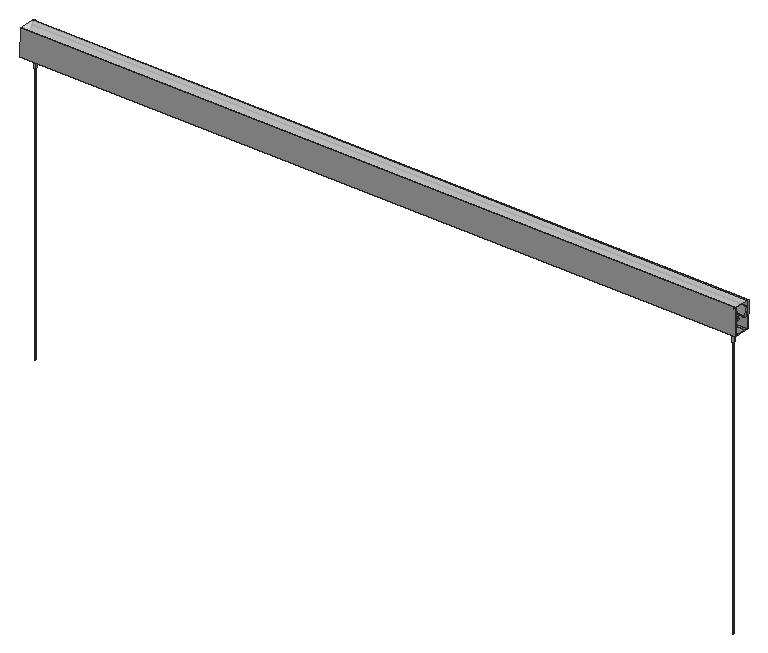
Revit family "2059338 Sylvania Lighting Fixture MC2 D I 2-4M 4K DALI WHT PRIS", category Lighting Fixtures, host Face, Revit 2016
Family settings
  Host = Face
  Part Type = Normal
  Round Connector Dimension = Use Diameter
  OmniClass Number = 23.80.70.11.17
  OmniClass Title = Specialized Lighting by Location or Use
  Cut with Voids When Loaded = No
  Light Source = Yes
  Shared = No
  Room Calculation Point = No
Parameters (values of type "2059338 MC2 D/I 2.4M 4K DALI WHT PRIS")
  Width_SYL = 54.0 mm
  Weight = "6.2 kg"
  Wattage = 64 W
  WarrantyStartDate [instance] = "n/a"
  WarrantyGuarantorParts = "n/a"
  WarrantyDurationUnit = "n/a"
  WarrantyDurationParts = "n/a"
  WarrantyDescription = "n/a"
  built-in parameter 1150110 = 1 (stored number, unit not read)
  Voltage = 0 V
  URL = "http://www.sylvania-lighting.com"
  TypeName = "MC2 D/I 2.4M 4K DALI WHT PRIS"
  built-in parameter 1114217 = 1 (stored number, unit not read)
  Tilt Angle = -90.00°
  built-in parameter 1150109 = 1 (stored number, unit not read)
  built-in parameter 1150134 = 12
  built-in parameter 1150113 = 1 (stored number, unit not read)
  SerialNumber [instance] = "n/a"
  PowerFactor = 0.95
  PowerConsumption = "64 W"
  NominalWidth = 0.0 mm
  NominalLength = 2400.0 mm
  NominalHeight = 86.0 mm
  Name = "MC2 D/I 2.4M 4K DALI WHT PRIS"
  ModelReference = "MC2 D/I 2.4M 4K DALI WHT PRIS"
  ModelNumber = "2059338"
  Material_3_SYL = Metal_Sylvania_Mini Contiuum II_Silver
  Photometric Web File = "2059338.ies"
  Material_4_SYL = Metal_Sylvania_Mini Contiuum II_Silver
  MountingHeight_SYL [instance] = 1000.0 mm
  Material = "aluminium housing, polycarbonate diffuser"
  ManufacturerName = "Feilo Sylvania"
  LuminousEfficacy = "122 lm/W"
  LuminaireType = ""
  LightOutputRatio = "100"
  Length_SYL = 2400.0 mm
  LampsType = Lamp  # "LED"
  LampNominalLuminous = "7776 lm"
  LampMacAdamStep = "3"
  LampColourTemperature = "4000 K"
  LampColourRenderingIndex = "80"
  Keynote = "16500"
  InstallationDate [instance] = "n/a"
  InputVoltage = "n/a"
  InputNominalFrequency = "n/a"
  IngressProtection = "IP20"
  ImpactProtectionIndex = "n/a"
  IfcExportType = "IfcLightFixtureType"
  IfcExportAs = "IfcLightFixtureType"
  Height_SYL = 86.0 mm
  ExpectedLife = 50000
  EndCapRight_SYL [instance] = no
  EndCapLeft_SYL [instance] = no
  Emit from Rectangle Width = Width_SYL - 2.0 mm  # 52.0 mm
  Emit from Rectangle Length = Length_SYL  # 2400.0 mm
  Emit Shape Visible in Rendering = no
  ElectricShockClassification = "Class I"
  DurationUnit = "hours"
  DocumentationLiterature = "http://www.sylvania-lighting.com/product/en-int/products/2059338"
  DimmingControlOptions = "n/a"
  CreatedOn = "10/15/2018"
  CreatedBy = "@sylvania-lighting.com"
  built-in parameter 1114216 [instance] = 1 (stored number, unit not read)
  Model = "MC2 D/I 2.4M 4K DALI WHT PRIS"
  Manufacturer = "Feilo Sylvania"
  built-in parameter 1150105 = 621.34 (stored number, unit not read)
  Lumens = 7808 lm
  built-in parameter 1150115 = 1 (stored number, unit not read)
  built-in parameter 1150137 = (empty or 0)
  built-in parameter 1150139 = (empty or 0)
  built-in parameter 1150112 = 1 (stored number, unit not read)
  built-in parameter 1150114 = 1 (stored number, unit not read)
  Lamp = "LED"
  built-in parameter 1150132 = 2
  built-in parameter 1150102 = (empty or 0)
  built-in parameter 1150107 = 4000 (stored number, unit not read)
  built-in parameter 1150138 = (empty or 0)
  built-in parameter 1150106 = 6.2134 (stored number, unit not read)
  Material_1_SYL = Metal_Sylvania_Mini Continuum II_White
  built-in parameter 1150104 = 11.334 (stored number, unit not read)
  Dimming Lamp Color Temperature Shift = <None>
  Material_2_SYL = Polycarbonate_Sylvania_Mini Continuum II_Opal_4000K
  Description = "2059338   MC2 D/I 2.4M 4K DALI WHT PRIS  Continuous lines of LED light, white RAL 9016, direct/indirect distribution (65/35), various accessories available, compact and minimalist design based on the Golden Mean, ideal for offices, meeting rooms, corridors, education facilities, museums and libraries, extruded aluminium body, diffuser: micro prismatic, colour temperature: 4000K neutral white, total system power: 64W, total fixture output: 7666lm, luminaire efficacy: 120lm/W, LOR: 100%, colour rendering: Ra >80, LED Chromacity: 1 step MacAdam ellipse, lifetime: 60,000 hours at 90% of the original output (L90), energy class: A++, A+, A, IR/UV free light source without heat radiation, operating voltage: 220-240V / 50-60Hz, drive current: (Direct) 800mA + (Indirect) 350mA, electronic driver, DALI dimmable, direct/indirect independently addressable, electrical protection: CLASS I, IP20, suitable for internal environment only."
  Default Elevation = 0.0 mm
  Color Filter = 16777215
  built-in parameter 1140040 [instance] = 1
  BarCode [instance] = "n/a"
  built-in parameter 1114218 = 1 (stored number, unit not read)
  built-in parameter 1150133 = 10 (stored number, unit not read)
  AssetType = "Fixed"
  AssetIdentifier [instance] = "n/a"
  Assembly Code = "D5020200"
  Apparent Load = 64 VA
Reference planes
  plane 1 "Center (Front/Back)": y = 0
  plane 2 "Bottom Fixtures": z = 0
  plane 3 "Center (Left/Right)": x = 0
  plane 4 "Fixture Left": x = -1200
  plane 5 "Fixture Right": x = 1200
  plane 6 "Fixture Bottom": z = 1000
  plane 7: z = 998
  plane 8: z = 996
  plane 9: z = 986.951
  plane 10: z = 956.951
  plane 11 "Fixture Top": z = 914
  plane 12 "Mounting Right": x = 1172
  plane 13 "Mounting Left": x = -1172
  plane 14: z = 879
  plane 15: y = 27
  plane 16: y = -27
  plane 17: y = -26
  plane 18: y = -25
  plane 19: y = 26
  plane 20: y = 25
  plane 21: y = 11
  plane 22: y = -11
  plane 23: y = 24
  plane 24: y = 22
  plane 25: y = -22
  plane 26: y = 15
  plane 27: y = -15
  plane 28 "Upper Diffuser Left": x = -1050
  plane 29 "Upper Diffuser Right": x = 1050
  plane 30: x = -1202
  plane 31: x = 1202
Forms (mm)
  Extrusion 1, solid, material "Metal_Sylvania_Mini Continuum II_White" <- "Material_1_SYL", detail levels fine
    sketch origin (0, 0, 520) x (0, 1, 0) y (0, 0, 1)
      loop
        line (27, 480) -> (26, 480) -> (26, 478) -> (25, 478) -> (25, 396) -> (13, 396) -> (13, 398) -> (-13, 398) -> (-13, 396) -> (-25, 396) -> (-25, 478) -> (-26, 478) -> (-26, 480) -> (-27, 480) -> (-27, 394) -> (-11, 394) -> (-11, 396) -> (11, 396) -> (11, 394) -> (27, 394) -> (27, 480)
    from -1200 to 1200
  Extrusion 2, solid, material "Polycarbonate_Sylvania_Mini Continuum II_Opal_4000K" <- "Material_2_SYL", detail levels fine
    sketch origin (0, 0, 520) x (0, 1, 0) y (0, 0, 1)
      loop
        line (-26, 480) -> (-26, 478) -> (26, 478) -> (26, 480) -> (-26, 480)
    from -1200 to 1200
  Extrusion 3, solid, material "Metal_Sylvania_Mini Contiuum II_Silver" <- "Material_3_SYL", detail levels fine
    sketch origin (0, 0, 520) x (0, 1, 0) y (0, 0, 1)
      loop
        line (22, 466.951) -> (20.973, 466.951) -> (14.206, 437.951) -> (11, 437.951) -> (11, 436.951) -> (15, 436.951) -> (22, 466.951)
      loop
        line (-15, 436.951) -> (-11, 436.951) -> (-11, 437.951) -> (-14.206, 437.951) -> (-20.973, 466.951) -> (-22, 466.951) -> (-15, 436.951)
    from -1200 to 1200
  Extrusion 4, solid, material "Metal_Sylvania_Mini Continuum II_White" <- "Material_1_SYL", detail levels coarse+medium
    sketch origin (0, 0, 520) x (0, 1, 0) y (0, 0, 1)
      loop
        line (-27, 480) -> (-27, 394) -> (27, 394) -> (27, 480) -> (-27, 480)
    from -1200 to 1200
  Extrusion 5, solid, material "Metal_Sylvania_Mini Contiuum II_Silver" <- "Material_4_SYL", detail levels fine
    sketch origin (0, 0, -86) x (-1, 0, 0) y (0, -1, 0)
      loop
        circle (1172, 0) r 4
      loop
        circle (-1172, 0) r 4
    from 965 to 1002
  Extrusion 6, solid, material "Metal_Sylvania_Mini Contiuum II_Silver" <- "Material_4_SYL", detail levels fine
    sketch origin (0, 0, -86) x (-1, 0, 0) y (0, -1, 0)
      loop
        circle (-1172, 0) r 1
      loop
        circle (1172, 0) r 1
    from 86 to 965
  Extrusion 7, solid, material "Polycarbonate_Sylvania_Mini Continuum II_Opal_4000K" <- "Material_2_SYL", detail levels fine
    sketch origin (0, 0, 0) x (0, 1, 0) y (0, 0, 1)
      loop
        arc (11, 916) -> (5.59, 914.504) -> (0, 914) r 31.25
        arc (0, 914) -> (-5.59, 914.504) -> (-11, 916) r 31.25
        line (-11, 916) -> (-11, 914.934)
        arc (-11, 914.934) -> (-5.584, 913.487) -> (0, 913) r 32.25
        arc (0, 913) -> (5.584, 913.487) -> (11, 914.934) r 32.25
        line (11, 914.934) -> (11, 916)
    from -1050 to 1050
  Extrusion 8, void
    sketch origin (0, 0, 0) x (0, 1, 0) y (0, 0, 1)
      loop
        line (11, 918) -> (-11, 918) -> (-11, 916) -> (11, 916) -> (11, 918)
    from -1050 to 1050
  Extrusion 9, solid, material "Metal_Sylvania_Mini Continuum II_White" <- "Material_1_SYL", visible <- "EndCapLeft_SYL"
    sketch origin (-1200, 171.684, 1219.2) x (0, 1, 0) y (0, 0, 1)
      loop
        line (-198.684, -305.2) -> (-144.684, -305.2) -> (-144.684, -219.2) -> (-198.684, -219.2) -> (-198.684, -305.2)
    from 0 to -2
  Extrusion 10, solid, material "Metal_Sylvania_Mini Continuum II_White" <- "Material_1_SYL", visible <- "EndCapRight_SYL"
    sketch origin (1200, 171.684, 1219.2) x (0, 1, 0) y (0, 0, -1)
      loop
        line (-144.684, 219.2) -> (-144.684, 305.2) -> (-198.684, 305.2) -> (-198.684, 219.2) -> (-144.684, 219.2)
    from 0 to -2
Cuts and joins
  Extrusion 8 cuts Extrusion 1
Lines and regions (mm)
  Masking region 1
    outline origin (0, 0, -86) x (-1, 0, 0) y (0, -1, 0)
      loop
        line (1200, -27) -> (1200, 27) -> (-1200, 27) -> (-1200, -27) -> (1200, -27)
  symbolic lines, detail levels fine
    curve 1: line (-1200, 26, -86) -> (1200, 26, -86)
    curve 2: line (-1200, -26, -86) -> (1200, -26, -86)
  model lines, detail levels coarse+medium
    curve 3: line (-1172, 0, 914) -> (-1172, 0, 0)
    curve 4: line (1172, 0, 914) -> (1172, 0, 0)
Dimensions and locks
  host sketch curve to plane 3 "Center (Left/Right)" to host sketch curve = 820.0 mm, 775.047 mm
  equal spacing: plane 4 "Fixture Left", plane 3 "Center (Left/Right)", plane 5 "Fixture Right"
  "Length_SYL": plane 4 "Fixture Left" to plane 5 "Fixture Right"
  plane 6 "Fixture Bottom" to plane 7 to plane 8 to plane 9 to plane 10 = 2.0 mm locked, 2.0 mm locked, 9.049 mm locked, 30.0 mm locked
  locked: Extrusion 1 sketch curve to Extrusion 1 sketch curve at 2
  locked: Extrusion 1 sketch curve to plane 11 "Fixture Top" at 2
  "Height_SYL": plane 6 "Fixture Bottom" to plane 11 "Fixture Top"
  locked: plane 12 "Mounting Right" to plane 5 "Fixture Right" at 28
  locked: plane 4 "Fixture Left" to plane 13 "Mounting Left" at 28
  locked: plane 11 "Fixture Top" to plane 14 at 35
  "MountingHeight_SYL": plane 6 "Fixture Bottom" to plane 2 "Bottom Fixtures"
  equal spacing: plane 15, plane 1 "Center (Front/Back)", plane 16
  "Width_SYL": plane 15 to plane 16
  plane 22 to plane 27 to plane 25 to plane 18 to plane 17 to plane 16 = 4.0 mm locked, 7.0 mm locked, 3.0 mm locked, 1.0 mm locked, 1.0 mm locked
  plane 15 to plane 19 to plane 20 to plane 23 to plane 24 to plane 26 to plane 21 = 1.0 mm locked, 1.0 mm locked, 1.0 mm locked, 2.0 mm locked, 7.0 mm locked, 4.0 mm locked
  locked: plane 4 "Fixture Left" to plane 28 "Upper Diffuser Left" at 150
  locked: plane 29 "Upper Diffuser Right" to plane 5 "Fixture Right" at 150
  equal spacing: plane 30, plane 3 "Center (Left/Right)", plane 31
  locked: plane 30 to plane 4 "Fixture Left" at 2
  aligned and locked: plane 2 "Bottom Fixtures" to host face
  aligned and locked: level to host face
  aligned and locked: plane 5 "Fixture Right" to curve 1
  aligned and locked: plane 4 "Fixture Left" to curve 1
  aligned and locked: plane 4 "Fixture Left" to curve 2
  aligned and locked: plane 5 "Fixture Right" to curve 2
  aligned and locked: Extrusion 1 sketch curve to plane 7
  aligned and locked: plane 6 "Fixture Bottom" to Extrusion 1 sketch curve  (x2)
  aligned and locked: plane 7 to Extrusion 1 sketch curve
  aligned and locked: Extrusion 1 to Extrusion 2 sketch curve
  aligned and locked: Extrusion 2 sketch curve to Extrusion 1  (x3)
  aligned and locked: Extrusion 3 sketch curve to plane 10
  aligned and locked: plane 9 to Extrusion 3 sketch curve
  aligned and locked: Extrusion 3 sketch curve to plane 9
  aligned and locked: Extrusion 4 sketch curve to plane 6 "Fixture Bottom"
  aligned and locked: Extrusion 4 to plane 4 "Fixture Left"
  aligned and locked: Extrusion 2 to plane 4 "Fixture Left"
  aligned and locked: Extrusion 3 to plane 4 "Fixture Left"
  aligned and locked: Extrusion 1 to plane 4 "Fixture Left"
  aligned and locked: Extrusion 4 to plane 5 "Fixture Right"
  aligned and locked: Extrusion 2 to plane 5 "Fixture Right"
  aligned and locked: Extrusion 3 to plane 5 "Fixture Right"
  aligned and locked: Extrusion 1 to plane 5 "Fixture Right"
  aligned and locked: plane 11 "Fixture Top" to Extrusion 4 sketch curve
  aligned and locked: Extrusion 1 sketch curve to plane 11 "Fixture Top"  (x2)
  aligned and locked: Extrusion 1 sketch curve to Extrusion 1 sketch curve
  aligned and locked: plane 6 "Fixture Bottom" to imposter light
  aligned and locked: plane 11 "Fixture Top" to curve 3
  aligned and locked: plane 2 "Bottom Fixtures" to curve 3
  aligned and locked: plane 11 "Fixture Top" to curve 4
  aligned and locked: plane 2 "Bottom Fixtures" to curve 4
  aligned and locked: curve 4 to plane 12 "Mounting Right"
  aligned and locked: curve 3 to plane 13 "Mounting Left"
  aligned and locked: Extrusion 5 to Extrusion 1
  aligned and locked: Extrusion 5 to plane 14
  aligned and locked: plane 14 to Extrusion 6
  aligned and locked: Extrusion 6 to level
  aligned and locked: plane 11 "Fixture Top" to Extrusion 7 sketch curve
  aligned and locked: Extrusion 7 to plane 28 "Upper Diffuser Left"
  aligned and locked: Extrusion 7 to plane 29 "Upper Diffuser Right"
  aligned and locked: plane 21 to Extrusion 3 sketch curve
  aligned and locked: Extrusion 3 sketch curve to plane 22
  aligned and locked: Extrusion 8 sketch curve to plane 21
  aligned and locked: Extrusion 8 sketch curve to plane 22
  aligned and locked: Extrusion 8 sketch curve to Extrusion 1  (x2)
  aligned and locked: Extrusion 8 to Extrusion 7  (x2)
  aligned and locked: plane 21 to Extrusion 7 sketch curve
  aligned and locked: plane 1 "Center (Front/Back)" to Extrusion 7 sketch curve
  aligned and locked: plane 22 to Extrusion 7 sketch curve
  aligned and locked: Extrusion 9 sketch curve to Extrusion 4  (x4)
  aligned and locked: Extrusion 9 to plane 30
  aligned and locked: plane 4 "Fixture Left" to Extrusion 9
  aligned and locked: Extrusion 10 sketch curve to Extrusion 4  (x4)
  aligned and locked: plane 31 to Extrusion 10
  aligned and locked: plane 5 "Fixture Right" to Extrusion 10
Automatic sketch dimensions
  host sketch curve to host sketch curve = 1047.463 mm
  plane 19 to curve 1 = 0.0 mm
  curve 2 to plane 17 = 0.0 mm
  Masking region 1 sketch curve to plane 5 "Fixture Right" = 0.0 mm
  Masking region 1 sketch curve to plane 4 "Fixture Left" = 0.0 mm
  plane 15 to Masking region 1 sketch curve = 0.0 mm
  Masking region 1 sketch curve to plane 16 = 0.0 mm
  Extrusion 1 sketch curve to plane 16 = 0.0 mm
  Extrusion 1 sketch curve to plane 17 = 0.0 mm
  Extrusion 1 sketch curve to plane 18 = 0.0 mm
  Extrusion 1 sketch curve to plane 22 = 0.0 mm
  Extrusion 1 sketch curve to plane 21 = 0.0 mm
  Extrusion 1 sketch curve to plane 20 = 0.0 mm
  Extrusion 1 sketch curve to plane 19 = 0.0 mm
  Extrusion 1 sketch curve to plane 15 = 0.0 mm
  plane 11 "Fixture Top" to Extrusion 1 sketch curve = 2.0 mm
  Extrusion 1 sketch curve to plane 22 = 2.0 mm
  Extrusion 1 sketch curve to plane 21 = 2.0 mm
  Extrusion 3 sketch curve to plane 25 = 0.0 mm
  Extrusion 3 sketch curve to plane 27 = 0.0 mm
  Extrusion 3 sketch curve to plane 26 = 0.0 mm
  Extrusion 3 sketch curve to plane 24 = 0.0 mm
  plane 10 to Extrusion 3 sketch curve = 1.0 mm
  Extrusion 3 sketch curve to Extrusion 3 sketch curve = 1.027 mm
  plane 27 to Extrusion 3 sketch curve = 0.794 mm
  plane 26 to Extrusion 3 sketch curve = 0.794 mm
  plane 24 to Extrusion 3 sketch curve = 1.027 mm
  Extrusion 4 sketch curve to plane 16 = 0.0 mm
  Extrusion 4 sketch curve to plane 15 = 0.0 mm
  plane 1 "Center (Front/Back)" to Extrusion 5 sketch curve = 0.0 mm  (x2)
  Extrusion 5 sketch curve to plane 12 "Mounting Right" = 0.0 mm
  Extrusion 5 sketch curve to plane 13 "Mounting Left" = 0.0 mm
  plane 1 "Center (Front/Back)" to Extrusion 6 sketch curve = 0.0 mm  (x2)
  Extrusion 6 sketch curve to plane 12 "Mounting Right" = 0.0 mm
  Extrusion 6 sketch curve to plane 13 "Mounting Left" = 0.0 mm
  Extrusion 7 sketch curve to Extrusion 7 sketch curve = 0.0 mm  (x4)
  plane 11 "Fixture Top" to Extrusion 7 sketch curve = 0.934 mm
  Extrusion 3 sketch curve to Extrusion 3 sketch curve = 0.0 mm
  Extrusion 3 sketch curve to plane 10 = 0.0 mm
  plane 11 "Fixture Top" to Extrusion 7 sketch curve = 2.0 mm
  radius of Extrusion 5 sketch curve = 4.0 mm  (x2)
  radius of Extrusion 6 sketch curve = 1.0 mm  (x2)
Connectors
  electrical at (1200, 0, 949), driven by "Apparent Load"
    settings: on Extrusion 1, index 1, voltage 230 V, apparent load 0 VA, apparent load phase1 64 VA, apparent load phase2 0 VA, apparent load phase3 0 VA, power factor 1, load classification "Lighting", number of poles 1, system type 31, power factor state 1, is connector primary yes, connector utility no, sub classification motor no, connector description ""
